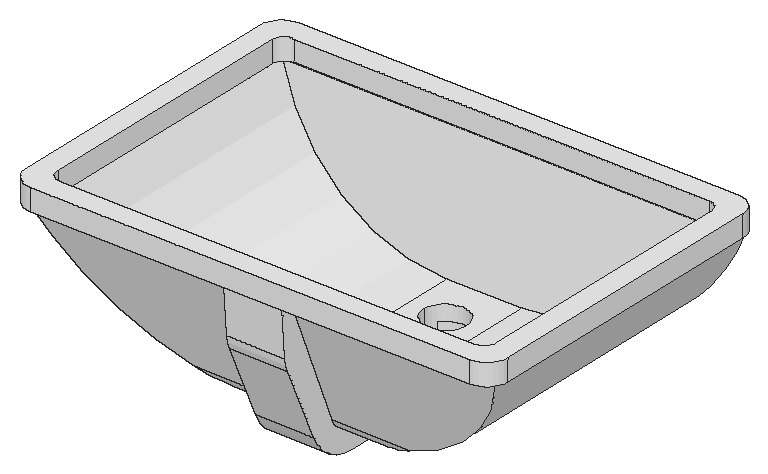
Revit family "Basin-American_Standard-Reliant-0614200.020", category Plumbing Fixtures, Revit 2019
Family settings
  Round Connector Dimension = Use Radius
  Part Type = Normal
  OmniClass Number = 23.45.05.14.14
  OmniClass Title = Sinks/Lavatories
  Work Plane-Based = Yes
  Always vertical = No
  Cut with Voids When Loaded = Yes
  Shared = Yes
  Room Calculation Point = No
Parameters (values of type "0614200.020")
  Width = 19 3/4"
  Waste Connection Radius = 5/8"
  Waste Connection Height = 20 1/4"
  Waste Connection Diameter = Waste Connection Radius * 2  # 1 1/4"
  Waste Connection = yes
  WFU = 2
  Vent Connection = no
  URL = "http://www.americanstandard-us.com/"
  Revised Date = "04/21/2022"  # constant formula
  Product Page URL = "https://www.americanstandard-us.com/Undermount-Bathroom-Sinks/Reliant-Rectangular-Undercounter-Bathroom-Sink/WHITE-0614200020"
  Price = "Prices may vary. Please consult Manufacturer Rep for most up-to-date price list."
  Model = "0614200.020"
  Material = "Vitreous China-American Standard-020-White"
  Manufacturer = "American Standard"
  Length = 13 3/4"
  Installation Type = "Undermount"
  IAPMO Compliance = "Meets or Exceeds the Following Specifications -  ASMEA112.19.2M for Vitreous China Fixtures  and CAN/CSA B45 series"  # constant formula
  Hot Water Connection Radius = 3/16"
  Hot Water Connection Height = Cold Water Connection Height  # 22 1/2"
  Hot Water Connection Diameter = Hot Water Connection Radius * 2  # 3/8"
  Height = 8 1/2"
  HWFU = 1.5
  HW Connection = yes
  Finish = Vitreous China-American Standard-020-White
  Description = "Reliant® Rectangular Under Counter Sink"
  Default Elevation = 34"
  Creation Date = "02/24/2021"  # constant formula
  Cold Water Connection Radius = 3/16"
  Cold Water Connection Height = 22 1/2"
  Cold Water Connection Diameter = Cold Water Connection Radius * 2  # 3/8"
  CWFU = 1.5
  CW Connection = yes
  Basin Shape = "Rectangular"
  Assembly Code = "D2010310"
  ADA Compliant = yes
Reference planes (in)
  plane 1 "Center (Front/Back)": y = 0
  plane 2: z = 0
  plane 3 "Center (Left/Right)": x = 0
  plane 4: z = -34
  plane 5: y = -8.3125
  plane 6: y = -4.5625
  plane 7: z = -11.5
  plane 8: z = -13.75
  plane 9: x = 4
  plane 10: x = -4
  plane 11: z = -6.75
  plane 12: z = 0.25
  plane 13: x = -9.875
  plane 14: x = -9
  plane 15: x = 9.875
  plane 16: x = 9
  plane 17: y = -3.3125
  plane 18: y = -4.5625
  plane 19: y = -5.4375
  plane 20: y = -17.4375
  plane 21: y = -18.3125
  plane 22: z = -9.25
  plane 23: z = -0.75
  plane 24: x = -9.625
  plane 25: x = 9.625
  plane 26: y = -24
Forms (in)
  Revolve 1, solid, material "Vitreous China-American Standard-020-White" <- "Finish"
    sketch origin (0, -8.3125, -7.43536) x (1, 0, 0) y (0, 0, 1)
      loop
        line (0.875, -1.81464) -> (1.2447, -1.81464)
        arc (1.2447, -1.81464) -> (1.32374, -1.7843) -> (1.36218, -1.70886) r 0.11813
        line (1.36218, -1.70886) -> (1.5819, 0.38168) -> (0.875, 0.38168) -> (0.875, -1.81464)
      axis (0, 0.38168) -> (0, -1.81464)
    angle from 0 to 360
  Extrusion 2, solid, material "Vitreous China-American Standard-020-White" <- "Finish", not visible
    sketch origin (0, 0, -0.75) x (1, 0, 0) y (0, 0, 1)
      loop
        circle (-4, -10.75) r 0.1875
      loop
        circle (4, -10.75) r 0.1875
      loop
        circle (0, -13) r 0.625
    from 0 to -0.03125
  Extrusion 3, solid, material "Vitreous China-American Standard-020-White" <- "Finish"
    sketch origin (0, 0, -0.75) x (1, 0, 0) y (0, 1, 0)
      loop
        arc (-9, -4.5625) -> (-9.61872, -4.81878) -> (-9.875, -5.4375) r 0.875
        line (-9.875, -5.4375) -> (-9.875, -17.4375)
        arc (-9.875, -17.4375) -> (-9.61872, -18.05622) -> (-9, -18.3125) r 0.875
        line (-9, -18.3125) -> (9, -18.3125)
        arc (9, -18.3125) -> (9.61872, -18.05622) -> (9.875, -17.4375) r 0.875
        line (9.875, -17.4375) -> (9.875, -5.4375)
        arc (9.875, -5.4375) -> (9.61872, -4.81878) -> (9, -4.5625) r 0.875
        line (9, -4.5625) -> (-9, -4.5625)
      loop
        arc (-8.49903, -5.4375) -> (-8.85327, -5.58423) -> (-9, -5.93847) r 0.50097
        line (-9, -5.93847) -> (-9, -16.9375)
        arc (-9, -16.9375) -> (-8.85355, -17.29105) -> (-8.5, -17.4375) r 0.5
        line (-8.5, -17.4375) -> (8.5, -17.4375)
        arc (8.5, -17.4375) -> (8.85355, -17.29105) -> (9, -16.9375) r 0.5
        line (9, -16.9375) -> (9, -5.9375)
        arc (9, -5.9375) -> (8.85355, -5.58395) -> (8.5, -5.4375) r 0.5
        line (8.5, -5.4375) -> (-8.49903, -5.4375)
    from -0.875 to 0
  Extrusion 4, solid, material "Vitreous China-American Standard-020-White" <- "Finish"
    sketch origin (0, 0, -0.68964) x (1, 0, 0) y (0, 0, 1)
      loop
        arc (-9.625, -0.93536) -> (-6.51931, -5.10033) -> (-1.57159, -6.68536) r 8.51478
        line (-1.57159, -6.68536) -> (1.5715, -6.68536)
        arc (1.5715, -6.68536) -> (6.51923, -5.10033) -> (9.62491, -0.93536) r 8.51478
        line (9.62491, -0.93536) -> (-9.625, -0.93536)
    from 4.5625 to 18.0625
  Extrusion 5, void
    sketch origin (0, 0, -0.68964) x (0, 1, 0) y (0, 0, 1)
      loop
        line (-4.5625, -6.68536) -> (-4.5625, -0.3583) -> (-4.61539, -0.86155)
        arc (-4.61539, -0.86155) -> (-4.64221, -0.91419) -> (-4.69736, -0.93536) r 0.08242
        line (-4.69736, -0.93536) -> (-4.84632, -0.93536)
        arc (-4.84632, -0.93536) -> (-4.90414, -0.95922) -> (-4.9283, -1.01692) r 0.08198
        arc (-4.9283, -1.01692) -> (-5.07556, -3.73252) -> (-5.48833, -6.4206) r 27.70749
        arc (-5.48833, -6.4206) -> (-5.55307, -6.57189) -> (-5.67225, -6.68536) r 0.40843
        line (-5.67225, -6.68536) -> (-4.5625, -6.68536)
      loop
        arc (-15.13712, -6.68536) -> (-15.4278, -6.49296) -> (-15.62019, -6.20229) r 0.8742
        line (-15.62019, -6.20229) -> (-18.0625, -0.15735) -> (-18.0625, -6.68536) -> (-15.13712, -6.68536)
    from -10.625 to 10.625
  Extrusion 6, solid, material "Vitreous China-American Standard-020-White" <- "Finish"
    sketch origin (0, 0, -0.68964) x (1, 0, 0) y (0, 0, 1)
      loop
        line (-1.54179, -6.06036) -> (1.54179, -6.06036)
        arc (1.54179, -6.06036) -> (6.06646, -4.65561) -> (9, -0.93536) r 7.98932
        line (9, -0.93536) -> (-9, -0.93536)
        arc (-9, -0.93536) -> (-6.06646, -4.65561) -> (-1.54179, -6.06036) r 7.98932
    from 14.87889 to 18.0625
  Extrusion 7, void
    sketch origin (0, 6.25, -0.68964) x (0, 1, 0) y (0, 0, 1)
      loop
        line (-24.3125, -6.06036) -> (-21.92753, -6.06036) -> (-24.3125, -0.15735) -> (-24.3125, -6.06036)
    from -9.75 to 9.75
  Extrusion 8, void
    sketch origin (0, 0, -0.75) x (1, 0, 0) y (0, 1, 0)
      loop
        circle (0, -8.3125) r 0.875
    from -8.25 to -6
  Extrusion 9, solid, material "Vitreous China-American Standard-020-White" <- "Finish"
    sketch origin (0, 0, 0) x (0, 1, 0) y (0, 0, 1)
      loop
        line (-14.54667, -8.42482) -> (-7.83943, -8.42482) -> (-7.83943, -7.17482) -> (-14.30781, -7.17482)
        arc (-14.30781, -7.17482) -> (-14.84882, -7.00683) -> (-15.19953, -6.56196) r 0.95516
        line (-15.19953, -6.56196) -> (-17.6378, -1.625) -> (-18.18094, -1.625) -> (-18.01023, -3.57632)
        arc (-18.01023, -3.57632) -> (-17.96114, -3.86197) -> (-17.86559, -4.13559) r 1.75
        line (-17.86559, -4.13559) -> (-16.52909, -7.13742)
        arc (-16.52909, -7.13742) -> (-15.72855, -8.07473) -> (-14.54667, -8.42482) r 2.17003
    from -1.18817 to 1.18817
  Extrusion 10, void
    sketch origin (0, 0, 0) x (1, 0, 0) y (0, 0, 1)
      loop
        arc (-9, -1.625) -> (-6.06646, -5.34525) -> (-1.54179, -6.75) r 7.98932
        line (-1.54179, -6.75) -> (1.54179, -6.75)
        arc (1.54179, -6.75) -> (6.06646, -5.34525) -> (9, -1.625) r 7.98932
        line (9, -1.625) -> (-9, -1.625)
    from 5.4375 to 17.4375
  Extrusion 11, void
    sketch origin (0, 0, 0) x (0, 1, 0) y (0, 0, 1)
      loop
        line (-17.4375, -1.625) -> (-14.87889, -6.75) -> (-14.87889, -1.625) -> (-17.4375, -1.625)
    from -10.625 to 10.625
  Extrusion 12, void
    sketch origin (0, 0, 0) x (1, 0, 0) y (0, 0, 1)
      loop
        circle (0, -2.48164) r 0.5
    from 14.49694 to 21.68929
  Extrusion 13, void
    sketch origin (0, -22.875, 0) x (0, -1, 0) y (0, 0, -1)
      loop
        line (-17.4375, 1.625) -> (-14.87889, 1.625) -> (-16.5625, 6.75) -> (-17.4375, 1.625)
    from -10.625 to 10.625
  Extrusion 14, solid, material "Vitreous China-American Standard-020-White" <- "Finish"
    sketch origin (0, 10.31639, -0.68964) x (1, 0, 0) y (0, 0, 1)
      loop
        line (-1.54179, -6.06036) -> (1.54179, -6.06036)
        arc (1.54179, -6.06036) -> (6.06646, -4.65561) -> (9, -0.93536) r 7.98932
        line (9, -0.93536) -> (-9, -0.93536)
        arc (-9, -0.93536) -> (-6.06646, -4.65561) -> (-1.54179, -6.06036) r 7.98932
    from 14.87889 to 16.62889
  Extrusion 15, void
    sketch origin (0, 0, 0) x (1, 0, 0) y (0, 1, 0)
      loop
        arc (-8.49903, -5.6875) -> (-8.67649, -5.76101) -> (-8.75, -5.93847) r 0.25097
        line (-8.75, -5.93847) -> (-8.75, -16.9375)
        arc (-8.75, -16.9375) -> (-8.67678, -17.11428) -> (-8.5, -17.1875) r 0.25
        line (-8.5, -17.1875) -> (8.5, -17.1875)
        arc (8.5, -17.1875) -> (8.67678, -17.11428) -> (8.75, -16.9375) r 0.25
        line (8.75, -16.9375) -> (8.75, -5.9375)
        arc (8.75, -5.9375) -> (8.67678, -5.76072) -> (8.5, -5.6875) r 0.25
        line (8.5, -5.6875) -> (-8.49903, -5.6875)
    from -9.25 to 0.25
Cuts and joins
  Extrusion 13 cuts Extrusion 3
  Extrusion 5, Extrusion 8, Extrusion 10, Extrusion 12 cuts Extrusion 4
  Extrusion 7, Extrusion 8, Extrusion 11, Extrusion 12, Extrusion 13 cuts Extrusion 6
  Extrusion 8 cuts Extrusion 9
  Extrusion 5, Extrusion 13 cuts Extrusion 14
  joined: Revolve 1, Extrusion 4, Extrusion 6, Extrusion 9, Extrusion 14
Lines and regions (in)
  Masking region 1
    outline origin (0, 0, 0) x (1, 0, 0) y (0, 1, 0)
      loop
        line (-9.875, -5.4375) -> (-9.875, -17.4375)
        arc (-9.875, -17.4375) -> (-9.61872, -18.05622) -> (-9, -18.3125) r 0.875
        line (-9, -18.3125) -> (9, -18.3125)
        arc (9, -18.3125) -> (9.61872, -18.05622) -> (9.875, -17.4375) r 0.875
        line (9.875, -17.4375) -> (9.875, -5.4375)
        arc (9.875, -5.4375) -> (9.61872, -4.81878) -> (9, -4.5625) r 0.875
        line (9, -4.5625) -> (-9, -4.5625)
        arc (-9, -4.5625) -> (-9.61872, -4.81878) -> (-9.875, -5.4375) r 0.875
  symbolic lines, detail levels medium+fine
    curve 1: arc (-0.875, -8.3125, 0) -> (0, -9.1875, 0) -> (0.875, -8.3125, 0) r 0.875
    curve 2: arc (0.875, -8.3125, 0) -> (0, -7.4375, 0) -> (-0.875, -8.3125, 0) r 0.875
    curve 3: line (-8.85355, -17.29105, 0) -> (-1.54179, -14.87889, 0)
    curve 4: line (-1.54179, -14.87889, 0) -> (1.54179, -14.87889, 0)
    curve 5: line (1.54179, -14.87889, 0) -> (8.85355, -17.29105, 0)
    curve 6: line (-9, -16.9375, 0) -> (-9, -5.93847, 0)
    curve 7: arc (-8.5, -17.4375, 0) -> (-8.85355, -17.29105, 0) -> (-9, -16.9375, 0) r 0.5
    curve 8: line (8.5, -17.4375, 0) -> (-8.5, -17.4375, 0)
    curve 9: arc (9, -16.9375, 0) -> (8.85355, -17.29105, 0) -> (8.5, -17.4375, 0) r 0.5
    curve 10: line (9, -5.9375, 0) -> (9, -16.9375, 0)
    curve 11: arc (8.5, -5.4375, 0) -> (8.85355, -5.58395, 0) -> (9, -5.9375, 0) r 0.5
    curve 12: arc (-9, -5.93847, 0) -> (-8.85327, -5.58423, 0) -> (-8.49903, -5.4375, 0) r 0.50097
    curve 13: line (-8.49903, -5.4375, 0) -> (8.5, -5.4375, 0)
    curve 17: spline (-1.5418, -6.3126, 0) -> (-2.30089, -6.30535, 0) -> (-3.05246, -6.28598, 0) -> (-3.78969, -6.25469, 0) -> (-4.50591, -6.21174, 0) -> (-5.19465, -6.15754, 0) -> (-5.84968, -6.09257, 0) -> (-6.46505, -6.01741, 0) -> (-7.03522, -5.93276, 0) -> (-7.55501, -5.83937, 0) -> (-8.01972, -5.73809, 0) -> (-8.42515, -5.62984, 0) -> (-8.76763, -5.51559, 0)
    curve 18: line (1.66638, -6.3126, 0) -> (-1.5418, -6.3126, 0)
    curve 19: spline (8.7826, -5.52502, 0) -> (8.44102, -5.63706, 0) -> (8.03869, -5.74323, 0) -> (7.57913, -5.84261, 0) -> (7.06637, -5.93432, 0) -> (6.50491, -6.01756, 0) -> (5.89966, -6.0916, 0) -> (5.25593, -6.15579, 0) -> (4.57935, -6.20957, 0) -> (3.87586, -6.25247, 0) -> (3.15161, -6.28411, 0) -> (2.41297, -6.30421, 0) -> (1.66638, -6.3126, 0)
  symbolic lines, detail levels fine
    curve 14: line (-0.5, -17.00983, 0) -> (0.5, -17.00983, 0)
    curve 15: line (0.5, -17.00983, 0) -> (-0.5, -17.00983, 0)
    curve 16: arc (-0.45473, -17.11245, 0) -> (0.00001, -16.96817, 0) -> (0.45475, -17.11245, 0) r 0.78875
Dimensions and locks (in)
  equal spacing: Extrusion 9, plane 3 "Center (Left/Right)", Extrusion 9
  locked: plane 1 "Center (Front/Back)" to Extrusion 2 at 0.03125
  equal spacing: plane 13, plane 3 "Center (Left/Right)", plane 15
  "Width": plane 13 to plane 15
  equal spacing: plane 14, plane 3 "Center (Left/Right)", plane 16
  plane 14 to plane 16 = 18"
  locked: plane 17 to plane 1 "Center (Front/Back)" at 3.3125
  locked: plane 17 to plane 18 at 1.25
  "Length": plane 18 to plane 21
  locked: plane 18 to plane 19 at 0.875
  locked: plane 21 to plane 20 at 0.875
  plane 19 to plane 20 = 12"
  Extrusion 3 sketch curve to Extrusion 3 sketch curve to plane 3 "Center (Left/Right)" to Extrusion 3 sketch curve to Extrusion 3 sketch curve = 0.00097" locked, 8.49903" locked, 8 1/2" locked, 0" locked
  Extrusion 3 sketch curve to Extrusion 3 sketch curve to Extrusion 3 sketch curve to Extrusion 3 sketch curve to plane 1 "Center (Front/Back)" = 0" locked, 10.99903" locked, 0.00097" locked, 5 15/16" locked
  locked: level to plane 23 at 0.75
  "Height": plane 23 to plane 22
  locked: plane 24 to plane 13 at 0.25
  locked: plane 15 to plane 25 at 0.25
  locked: plane 26 to plane 1 "Center (Front/Back)" at 24
  Extrusion 4 sketch curve to plane 3 "Center (Left/Right)" to Extrusion 4 sketch curve = 1.5715" locked, 1.57159" locked
  Extrusion 4 sketch curve to Extrusion 4 sketch curve to level to Extrusion 4 sketch curve to Extrusion 4 sketch curve = 0" locked, 1.13978" locked, 1 5/8" locked, 5 3/4" locked
  Extrusion 6 sketch curve to Extrusion 6 sketch curve to level to Extrusion 6 sketch curve to Extrusion 6 sketch curve = 0" locked, 1.23932" locked, 1 5/8" locked, 5 1/8" locked
  Extrusion 6 sketch curve to plane 3 "Center (Left/Right)" to Extrusion 6 sketch curve = 1.54179" locked, 1.54179" locked
  Extrusion 9 sketch curve to Extrusion 9 sketch curve to Extrusion 9 sketch curve to Extrusion 9 sketch curve to Extrusion 9 sketch curve to Extrusion 9 sketch curve to Extrusion 9 sketch curve to Extrusion 9 sketch curve to Extrusion 9 sketch curve to Extrusion 9 sketch curve to plane 18 = 0.17072" locked, 0.14464" locked, 0.22779" locked, 1.10871" locked, 0.2622" locked, 1.06735" locked, 0.65286" locked, 0.23886" locked, 6.46838" locked, 3.27693" locked
  level to Extrusion 9 sketch curve to Extrusion 9 sketch curve to Extrusion 9 sketch curve to Extrusion 9 sketch curve to Extrusion 9 sketch curve to Extrusion 9 sketch curve to Extrusion 9 sketch curve = 1 5/8" locked, 1.95132" locked, 0.55927" locked, 2.42637" locked, 0.57546" locked, 0.0374" locked, 1 1/4" locked
  Revolve 1 sketch curve to Revolve 1 sketch curve to Revolve 1 sketch curve to plane 3 "Center (Left/Right)" = 0.21973" locked, 0.11748" locked, 1.2447" locked
  Revolve 1 sketch curve to Revolve 1 sketch curve to Revolve 1 sketch curve to plane 22 = 2.0782" locked, 0.01235" locked, 0.10578" locked
  level to Extrusion 5 sketch curve to Extrusion 5 sketch curve to Extrusion 5 sketch curve to Extrusion 5 sketch curve to Extrusion 5 sketch curve to Extrusion 5 sketch curve to Extrusion 5 sketch curve to Extrusion 5 sketch curve to Extrusion 5 sketch curve to Extrusion 5 sketch curve = 0.847" locked, 0.20095" locked, 0.49463" locked, 0.02332" locked, 0.0591" locked, 0.08198" locked, 4.85747" locked, 0.46406" locked, 0.34649" locked, 0" locked
  Extrusion 5 sketch curve to Extrusion 5 sketch curve to Extrusion 5 sketch curve to Extrusion 5 sketch curve to Extrusion 5 sketch curve to Extrusion 5 sketch curve to Extrusion 5 sketch curve to Extrusion 5 sketch curve to plane 18 = 2.92538" locked, 0.32748" locked, 8.92114" locked, 0.21626" locked, 0.82593" locked, 0.14896" locked, 0.08197" locked, 0.05289" locked
  plane 21 to Extrusion 7 sketch curve to Extrusion 7 sketch curve = 1/4" locked, 2.38497" locked
  locked: level to Extrusion 7 sketch curve at 0.847
  locked: level to Extrusion 12 sketch curve at 2.48164
  level to Extrusion 11 sketch curve to Extrusion 11 sketch curve = 1 5/8" locked, 5 1/8" locked
  plane 21 to Extrusion 11 sketch curve to Extrusion 11 sketch curve = 7/8" locked, 2 143/256" locked
  Extrusion 10 sketch curve to plane 3 "Center (Left/Right)" to Extrusion 10 sketch curve = 1.54179" locked, 1.54179" locked
  Extrusion 10 sketch curve to Extrusion 10 sketch curve to level to Extrusion 10 sketch curve to Extrusion 10 sketch curve = 0" locked, 1.23932" locked, 1 5/8" locked, 5 1/8" locked
  locked: level to plane 4 at 34
  plane 23 to plane 7 = 10 3/4"
  plane 23 to plane 8 = 13"
  "Waste Connection Height": plane 8 to plane 4
  "Hot Water Connection Height": plane 7 to plane 4
  plane 18 to plane 5 = 3 3/4"
  locked: Extrusion 13 sketch curve to Extrusion 13 sketch curve at 5.125
  Extrusion 13 sketch curve to Extrusion 13 sketch curve = 2.4308"
  Extrusion 14 sketch curve to Extrusion 14 sketch curve to Extrusion 14 sketch curve to Extrusion 14 sketch curve = 0" locked, 2.86432", 5 1/8" locked
  Extrusion 14 sketch curve to Extrusion 14 sketch curve = 3.08357"
  "Hot Water Connection Radius": radius of Extrusion 2 sketch curve
  "Cold Water Connection Radius": radius of Extrusion 2 sketch curve
  "Waste Connection Radius": radius of Extrusion 2 sketch curve
  aligned and locked: plane 1 "Center (Front/Back)" to Extrusion 2
  aligned and locked: plane 14 to Extrusion 3 sketch curve  (x3)
  aligned and locked: plane 13 to Extrusion 3 sketch curve
  aligned and locked: Extrusion 3 sketch curve to plane 16
  aligned and locked: Extrusion 3 sketch curve to plane 15
  aligned and locked: plane 16 to Extrusion 3 sketch curve  (x2)
  aligned and locked: Extrusion 3 sketch curve to plane 18
  aligned and locked: Extrusion 3 sketch curve to plane 19
  aligned and locked: plane 21 to Extrusion 3 sketch curve
  aligned and locked: Extrusion 3 sketch curve to plane 20
  aligned and locked: plane 20 to Extrusion 3 sketch curve  (x2)
  aligned and locked: plane 19 to Extrusion 3 sketch curve  (x2)
  aligned and locked: plane 23 to Extrusion 3
  aligned and locked: plane 6 to Extrusion 4
  aligned and locked: Revolve 1 sketch curve to plane 3 "Center (Left/Right)"
  aligned and locked: Revolve 1 sketch curve to plane 22
  aligned and locked: plane 18 to Extrusion 5 sketch curve
  aligned and locked: Extrusion 7 sketch curve to plane 11
  aligned and locked: plane 3 "Center (Left/Right)" to Extrusion 12 sketch curve
  aligned and locked: plane 5 to Extrusion 8 sketch curve
  aligned and locked: plane 3 "Center (Left/Right)" to Extrusion 8 sketch curve
  aligned and locked: plane 10 to Extrusion 2 sketch curve
  aligned and locked: plane 7 to Extrusion 2 sketch curve  (x2)
  aligned and locked: plane 9 to Extrusion 2 sketch curve
  aligned and locked: plane 8 to Extrusion 2 sketch curve
  aligned and locked: plane 3 "Center (Left/Right)" to Extrusion 2 sketch curve
Automatic sketch dimensions
  Extrusion 5 sketch curve to plane 21 = 14.32294"
  Extrusion 5 sketch curve to plane 11 = 0.14194"
  Extrusion 5 sketch curve to Extrusion 5 sketch curve = 0"
  Revolve 1 sketch curve to Revolve 1 sketch curve = 0.7069"
  plane 22 to Revolve 1 sketch curve = 0.89348"
  Revolve 1 sketch curve to Revolve 1 sketch curve = 1/4"
  Masking region 1 sketch curve to plane 13 = 0"
  Masking region 1 sketch curve to plane 6 = 0"
  Masking region 1 sketch curve to plane 14 = 0"  (x2)
  Masking region 1 sketch curve to plane 16 = 0"  (x2)
  Masking region 1 sketch curve to plane 15 = 0"
  Masking region 1 sketch curve to plane 21 = 0"
  Extrusion 14 sketch curve to plane 14 = 0"
  Extrusion 14 sketch curve to plane 11 = 0"
  Extrusion 13 sketch curve to plane 19 = 0"
  Extrusion 13 sketch curve to plane 11 = 0"
  Extrusion 13 sketch curve to Extrusion 13 sketch curve = 2 143/256"
  plane 14 to Extrusion 15 sketch curve = 1/4"
  Extrusion 15 sketch curve to Extrusion 15 sketch curve = 1/4"  (x2)
  Extrusion 15 sketch curve to Extrusion 15 sketch curve = 0.25097"
  Extrusion 15 sketch curve to plane 20 = 1/4"
  Extrusion 15 sketch curve to plane 16 = 1/2"
  Extrusion 15 sketch curve to plane 16 = 1/4"
  Extrusion 15 sketch curve to plane 19 = 0.50097"
  curve 12 to plane 14 = 0"
  plane 20 to curve 8 = 0"
  curve 13 to plane 19 = 0"
  curve 1 to plane 5 = 0"
  curve 1 to plane 3 "Center (Left/Right)" = 0"
  curve 11 to plane 16 = 0"
  plane 14 to curve 8 = 1/2"
  plane 14 to curve 13 = 0.50097"
  curve 18 to plane 19 = 0.8751"
  curve 18 to plane 3 "Center (Left/Right)" = 1.5418"
  curve 3 to plane 3 "Center (Left/Right)" = 1.54179"
  plane 3 "Center (Left/Right)" to curve 16 = 0"
  plane 3 "Center (Left/Right)" to curve 5 = 1.54179"
  plane 3 "Center (Left/Right)" to curve 18 = 1.66638"
  curve 8 to plane 16 = 1/2"
  plane 20 to curve 16 = 0.31942"
  curve 5 to plane 20 = 2 143/256"
  plane 24 to curve 17 = 0.16377"
  plane 14 to curve 3 = 0.14645"
  curve 17 to plane 19 = 0.07809"
  curve 17 to plane 6 = 0.40497"
  curve 1 to plane 3 "Center (Left/Right)" = 7/8"
  curve 14 to plane 3 "Center (Left/Right)" = 1/2"
  curve 15 to curve 14 = 0"
  curve 14 to curve 16 = 0.04527"
  plane 3 "Center (Left/Right)" to curve 16 = 0.45475"
  curve 16 to curve 15 = 0.04525"
  curve 14 to curve 15 = 0"  (x2)
  curve 19 to plane 6 = 0.40507"
  curve 19 to curve 18 = 0.15884"
  curve 19 to plane 19 = 0.08752"
  curve 19 to plane 16 = 0.2174"
  curve 5 to plane 16 = 0.14645"
  curve 16 to plane 20 = 0.32505"
  curve 16 to curve 15 = 0.10262"
  radius of Extrusion 12 sketch curve = 1/2"
  radius of Extrusion 8 sketch curve = 7/8"
Connectors (in)
  piping at (-4, 0.03125, -11.5), diameter 0.375, driven by "Hot Water Connection Radius", driven by "HWFU"
    settings: on Extrusion 2, index 1, connector inside diameter 24", connector length 0", flow factor 0, pipe flow 0 GPM, pressure drop 0.00 psi, fitting loss kfactor 0, connector angle 0.00°, fixture units 1.5, engagement length 0", angle of deflection 0.00°, flow configuration 3, flow direction 1, fitting loss method 0, system type 19, joint type 0, gender type 0, connector reference index -1, connector utility 0, adjustable connector no, is connector primary yes, connector description "3/8\" HW Inlet Connection"
  piping at (4, 0.03125, -11.5), diameter 0.375, driven by "Cold Water Connection Radius", driven by "CWFU"
    settings: on Extrusion 2, index 2, connector inside diameter 24", connector length 0", flow factor 0, pipe flow 0 GPM, pressure drop 0.00 psi, fitting loss kfactor 0, connector angle 0.00°, fixture units 1.5, engagement length 0", angle of deflection 0.00°, flow configuration 3, flow direction 1, fitting loss method 0, system type 20, joint type 0, gender type 0, connector reference index -1, connector utility 0, adjustable connector no, is connector primary no, connector description "3/8\" CW Inlet Connection"
  piping at (0, 0.03125, -13.75), diameter 1.25, driven by "Waste Connection Radius", driven by "WFU"
    settings: on Extrusion 2, index 3, connector inside diameter 24", connector length 0", flow factor 0, pipe flow 0 GPM, pressure drop 0.00 psi, fitting loss kfactor 0, connector angle 0.00°, fixture units 2, engagement length 0", angle of deflection 0.00°, flow configuration 3, flow direction 2, fitting loss method 0, system type 16, joint type 0, gender type 0, connector reference index -1, connector utility 0, adjustable connector no, is connector primary no, connector description "1-1/4\" Sanitary Outlet Connection"
